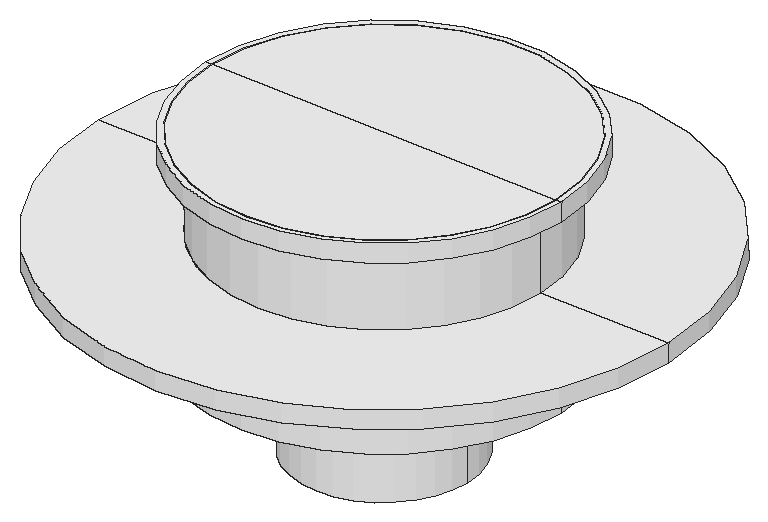
Revit family "C1100-XR", category Plumbing Fixtures, host Face, Revit 2026
Family settings
  Host = Face
  Round Connector Dimension = Use Radius
  Part Type = Normal
  Classification Number = 23.45.55.21
  Enable Cutting in Views = No
  Cut with Voids When Loaded = No
  Maintain Annotation Orientation = No
  Shared = No
  Room Calculation Point = No
Parameters (values of type "2"")
  WFU = 0
  URL = "WWW.MIFAB.COM"
  Top Assembly Height = 1.250"
  Strainer Radius = Stainer Diameter / 2  # 4.000"
  Stainer Diameter = 8.000"
  Pipe Radius = Pipe Diameter / 2  # 1.000"
  Pipe Diameter = 2.000"
  Model = "C1100-XR"
  Manufacturer = "MIFAB"
  Floor Drain Material = Paint - Sherwin Williams Paint - #952C2A - Bellwood Red
  Description = "FLOOR CLEANOUT WITH HEAVY DUTY ROUND ADJUSTABLE COVEER AND PLUG"
  Default Elevation = 0.000"
  Body Height = 2.750"
Types (4): name | Pipe Radius | Pipe Diameter
  (no name) | 1.000" | 2.000"
  2" | 1.000" | 2.000"
  3" | 1.500" | 3.000"
  4" | 2.000" | 4.000"
Reference planes (in)
  plane 1 "Center (Front/Back)": y = 0
  plane 2: z = 0
  plane 3 "Center (Left/Right)": x = 0
  plane 4: x = -4
  plane 5: x = 4
  plane 6: z = -4
  plane 7: x = -1
  plane 8: x = 1
  plane 9: x = -2.31968
  plane 10: x = 2.31968
  plane 11: z = -1.25
Forms (in)
  Revolve 1, solid, material "Paint - Sherwin Williams Paint - #952C2A - Bellwood Red" <- "Floor Drain Material"
    sketch origin (0, 0, 0) x (1, 0, 0) y (0, 0, 1)
      loop
        line (2.05, -0.16) -> (2.05, -1.9) -> (2.12, -1.9) -> (2.2, -1.82) -> (2.2, -0.25) -> (2.5, -0.25) -> (2.5, 0) -> (2.42, 0) -> (2.42, -0.16) -> (2.05, -0.16)
      axis (0, 0) -> (0, -1.9)
    angle from 0 to 360
  Revolve 2, solid, material "Paint - Sherwin Williams Paint - #952C2A - Bellwood Red" <- "Floor Drain Material"
    sketch origin (0, 0, 0) x (1, 0, 0) y (0, 0, 1)
      loop
        line (2.32, -1.5) -> (2.32, -2.51151) -> (1, -2.86151) -> (1, -4) -> (1.18, -4) -> (1.18, -3) -> (2.5, -2.65) -> (2.5, -1.5) -> (4, -1.5) -> (4, -1.25) -> (2.2, -1.25) -> (2.12, -1.33) -> (2.12, -1.42) -> (2.2, -1.5) -> (2.32, -1.5)
      axis (0, -4) -> (0, -1.25)
    angle from 0 to 360
  Revolve 3, solid, material "Paint - Sherwin Williams Paint - #952C2A - Bellwood Red" <- "Floor Drain Material"
    sketch origin (0, 0, 0) x (1, 0, 0) y (0, 0, 1)
      loop
        line (0, 0) -> (0, -0.16) -> (2.42, -0.16) -> (2.42, 0) -> (0, 0)
      axis (0, -0.16) -> (0, 0)
    angle from 0 to 360
Lines and regions (in)
  symbolic lines
    curve 1: circle (0, 0, 0) r 4 normal (0, 0, 1)
Dimensions and locks (in)
  equal spacing: plane 5, plane 3 "Center (Left/Right)", plane 4
  "Stainer Diameter": plane 5 to plane 4
  "Body Height": plane 11 to plane 6
  equal spacing: plane 8, plane 3 "Center (Left/Right)", plane 7
  "Pipe Diameter": plane 8 to plane 7
  "Top Assembly Height": host face to plane 11
  locked: Revolve 2 sketch curve to Revolve 2 sketch curve at 0.18
  "Strainer Radius": radius of curve 1
  aligned and locked: plane 2 to host face
  aligned and locked: level to host face
  aligned and locked: plane 1 "Center (Front/Back)" to curve 1
  aligned and locked: plane 3 "Center (Left/Right)" to curve 1
  aligned and locked: Revolve 1 sketch curve to plane 3 "Center (Left/Right)"
  aligned and locked: plane 5 to Revolve 2 sketch curve
  aligned and locked: Revolve 2 sketch curve to plane 8
  aligned and locked: Revolve 2 sketch curve to plane 11
  aligned and locked: plane 3 "Center (Left/Right)" to Revolve 2 sketch curve
  aligned and locked: Revolve 3 sketch curve to host face
  aligned and locked: Revolve 3 sketch curve to Revolve 1  (x2)
  aligned and locked: plane 3 "Center (Left/Right)" to Revolve 3 sketch curve
Automatic sketch dimensions
  host sketch curve to host sketch curve = 96.000"  (x2)
  Revolve 2 sketch curve to plane 6 = 0.000"  (x2)
  plane 10 to Revolve 2 sketch curve = 0.19968"
  Revolve 2 sketch curve to level = 0.000"
  Revolve 2 sketch curve to Revolve 2 sketch curve = 0.080"  (x3)
  Revolve 2 sketch curve to plane 10 = 0.00032"
  Revolve 2 sketch curve to Revolve 2 sketch curve = 0.180"
  Revolve 2 sketch curve to Revolve 2 sketch curve = 1.000"
  Revolve 2 sketch curve to Revolve 2 sketch curve = 0.13849"  (x2)
  plane 6 to Revolve 2 sketch curve = 1.350"
  Revolve 2 sketch curve to plane 11 = 0.250"
  Revolve 2 sketch curve to Revolve 2 sketch curve = 0.000"
  Revolve 2 sketch curve to plane 11 = 0.080"
  plane 10 to Revolve 1 sketch curve = 0.26968"
  Revolve 1 sketch curve to plane 11 = 0.650"
  Revolve 1 sketch curve to level = 0.000"  (x2)
  Revolve 1 sketch curve to plane 6 = 0.000"
  Revolve 1 sketch curve to Revolve 1 sketch curve = 0.070"
  plane 10 to Revolve 1 sketch curve = 0.11968"
  Revolve 1 sketch curve to plane 10 = 0.10032"
  Revolve 1 sketch curve to Revolve 1 sketch curve = 0.080"  (x2)
  Revolve 1 sketch curve to level = 0.250"
  Revolve 1 sketch curve to level = 0.160"
  Revolve 3 sketch curve to plane 3 "Center (Left/Right)" = 0.000"
  Revolve 3 sketch curve to level = 0.000"
  plane 11 to Revolve 3 sketch curve = 0.53971"
  plane 1 "Center (Front/Back)" to curve 1 = 0.000"
  curve 1 to plane 3 "Center (Left/Right)" = 0.000"
Connectors (in)
  piping at (0, 0, -4), diameter 2, driven by "Pipe Radius"
    settings: on Revolve 2, index 1, connector inside diameter 2", connector length 0.000", flow factor 0, pipe flow 0 GPM, pressure drop 0.00 psi, fitting loss kfactor 0, connector angle 0.00°, fixture units 0, engagement length 0.000", angle of deflection 0.00°, flow configuration 0, flow direction 0, fitting loss method 0, system type 7, joint type 0, gender type 0, connector reference index -1, connector utility 0, adjustable connector no, is connector primary yes, connector description ""
